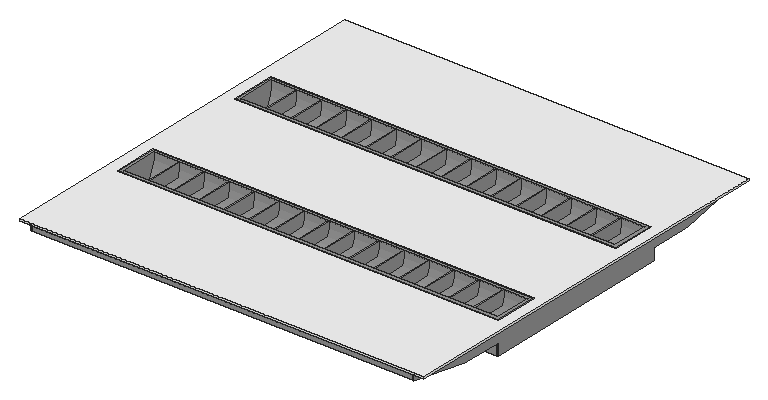
Revit family "0052239 Lighting Fixture_Sylvania_Rana LED 600x600-DALI dimmable-4000K_Ceiling Recessed", category Lighting Fixtures, host Face, Revit 2015
Parameters (values of type "RANA LED 600 CM+P 2*LL DA 4K")
  Width = 594.0 mm
  Weight = 4.00 kg
  Wattage = 33.7234 W
  built-in parameter 1150110 = 1 (stored number, unit not read)
  Voltage Comments = "UNV (Universal Voltage; 220-240 Volt)"  # constant formula
  Voltage = 230 V  # constant formula
  URL = "http://www.feilosylvania.com/"
  built-in parameter 1114217 = 1 (stored number, unit not read)
  Tilt Angle = -90.00°
  built-in parameter 1150109 = 1 (stored number, unit not read)
  built-in parameter 1150134 = 12
  Ta Rating = "25°C"  # constant formula
  built-in parameter 1150113 = 1 (stored number, unit not read)
  Reflector Material = Steel_Sylvania_RanaLED_Silver
  Product Page URL = "http://www.feilosylvania.com/product/en-int/products/0052239"
  Product Family = "Rana LED 600x600-DALI dimmable-4000K Lamp"  # constant formula
  Photometry Comments = ""
  Photometric Web File = "0052239_RANALED600CM+P2LLDA4K-186127.ies"
  Louver Length = Length - 34.0 mm  # 558.0 mm
  Life = "50 000h"  # constant formula
  Length = 592.0 mm
  IP Rating = "20"  # constant formula
  IK Rating = "07"  # constant formula
  Height = 46.0 mm
  Energy Class = "A++, A+, A"  # constant formula
  built-in parameter 1114216 [instance] = 1 (stored number, unit not read)
  Model = "RANA LED 600 CM+P 2*LL DA 4K"
  Manufacturer = "Feilo Sylvania"  # constant formula
  built-in parameter 1150105 = 1827.3 (stored number, unit not read)
  Lumens = 3170 lm
  built-in parameter 1150115 = 1 (stored number, unit not read)
  built-in parameter 1150137 = (empty or 0)
  built-in parameter 1150139 = (empty or 0)
  built-in parameter 1150112 = 1 (stored number, unit not read)
  built-in parameter 1150114 = 1 (stored number, unit not read)
  Lamp = "Integrated LED"  # constant formula
  built-in parameter 1150132 = 2
  built-in parameter 1150102 = (empty or 0)
  built-in parameter 1150107 = 4000 (stored number, unit not read)
  built-in parameter 1150138 = (empty or 0)
  built-in parameter 1150106 = 18.273 (stored number, unit not read)
  Body Material = Aluminum_Sylvania_RanaLED_Silver
  Emit from Rectangle Width = 280.0 mm  # constant formula
  Emit from Rectangle Length = Louver Length  # 558.0 mm
  Emit Shape Visible in Rendering = no
  built-in parameter 1150104 = 8.7329 (stored number, unit not read)
  Dimming Lamp Color Temperature Shift = <None>
  Description = "Provides perfect uniform light distribution greatly enhancing the lit space. Low profile for ease of installation in restricted ceiling voids. Two stage optic for optimum comfort and efficiency. UGR19 office compliant. Enclosed design reduces dust ingress and improves Lumen Maintenance Factor (LMF). 32W - 69W LED recessed luminaire. Rana LED is perfect for office lighting applications, schools, airports and general lighting applications. Available with a satin optic and micro prism diffuser. Available in recessed (600x600, 625x625, 312.5x1250 and 1200x300). Rana LED delivers high efficiency up to 6,050lm (luminaire lumen output on 4,000K version), equating to 101lm/W (total system efficiency). Available in warm white (3,000K) and neutral white (4,000K). Integrated LED solution that has the same aesthetics as a T5 or T8 diffuse luminaire. Energy efficient electronic gear including DALI and 3 hour emergency versions as standard. Long lifetime: 50,000 hours life at 70% of the original output L70. Less maintenance is required due to the long lifetime of 50,000hrs. Energy Class: A++, A+, A. LED technology provides an energy efficient solution with reduced maintenance costs. Comes complete with safety cable"  # constant formula
  Default Elevation = 0.0 mm
  Color Filter = 16777215
  Catalog Number = "0052239 RANA LED 600 CM+P 2*LL DA 4K"
  built-in parameter 1140040 [instance] = 1
  built-in parameter 1114218 = 1 (stored number, unit not read)
  built-in parameter 1150133 = 10 (stored number, unit not read)
  Assembly Code = "D5020200"
  Apparent Load Comments = ""
  Apparent Load = 32 VA
  Accessory Material = Aluminum_Sylvania_RanaLED_White
Reference planes
  plane 1 "Center (Front/Back)": y = 0
  plane 2 "Fixture Bottom": z = 0
  plane 3 "Center (Left/Right)": x = 0
  plane 4 "Fixture Left": x = -296
  plane 5 "Fixture Right": x = 296
  plane 6 "Fixture Back": y = 297
  plane 7 "Fixture Front": y = -297
  plane 8: z = -3
  plane 9: y = 295
  plane 10: y = -295
  plane 11: x = -281
  plane 12: x = 281
  plane 13: x = -279
  plane 14: x = 279
  plane 15: z = -10
  plane 16 "Fixture Top": z = -46
  plane 17: y = 142
  plane 18: y = -142
  plane 19: z = -28
  plane 20: y = 140
  plane 21: y = -140
  plane 22: z = -44
  plane 23: y = 75
  plane 24: y = -75
Forms (mm)
  Extrusion 1, void
    sketch origin (0, 0, 60) x (-1, 0, 0) y (0, -1, 0)
      loop
        line (296, -297) -> (296, 297) -> (-296, 297) -> (-296, -297) -> (296, -297)
    from -564.935 to 250
  Extrusion 2, solid, material "Aluminum_Sylvania_RanaLED_White" <- "Accessory Material", detail levels fine
    sketch origin (0, 0, 60) x (-1, 0, 0) y (0, -1, 0)
      loop
        line (296, -297) -> (296, 297) -> (-296, 297) -> (-296, -297) -> (296, -297)
      loop
        line (279, -140) -> (279, -75) -> (-279, -75) -> (-279, -140) -> (279, -140)
      loop
        line (279, 75) -> (279, 140) -> (-279, 140) -> (-279, 75) -> (279, 75)
    from -63 to -60
  Extrusion 3, solid, material "Aluminum_Sylvania_RanaLED_Silver" <- "Body Material", detail levels fine
    sketch origin (0, 0, 0) x (0, 1, 0) y (0, 0, 1)
      loop
        line (297, -3) -> (-297, -3) -> (-297, -10) -> (-204, -28) -> (-142, -28) -> (-142, -46) -> (142, -46) -> (142, -28) -> (204, -28) -> (297, -10) -> (297, -3)
    from 279 to 281
  Extrusion 4, solid, material "Aluminum_Sylvania_RanaLED_Silver" <- "Body Material", detail levels fine
    sketch origin (-345, 0, 0) x (0, 1, 0) y (0, 0, 1)
      loop
        line (297, -3) -> (-297, -3) -> (-297, -10) -> (-204, -28) -> (-142, -28) -> (-142, -46) -> (142, -46) -> (142, -28) -> (204, -28) -> (297, -10) -> (297, -3)
    from 64 to 66
  Extrusion 5, solid, material "Aluminum_Sylvania_RanaLED_Silver" <- "Body Material", detail levels fine
    sketch origin (0, 0, 60) x (-1, 0, 0) y (0, -1, 0)
      loop
        line (279, -297) -> (279, -295) -> (-279, -295) -> (-279, -297) -> (279, -297)
      loop
        line (-279, 295) -> (279, 295) -> (279, 297) -> (-279, 297) -> (-279, 295)
    from -70 to -63
  Extrusion 6, solid, material "Aluminum_Sylvania_RanaLED_Silver" <- "Body Material", detail levels fine
    sketch origin (0, 0, 0) x (0, 1, 0) y (0, 0, 1)
      loop
        line (142, -3) -> (140, -3) -> (140, -44) -> (-140, -44) -> (-140, -3) -> (-142, -3) -> (-142, -46) -> (142, -46) -> (142, -3)
    from -279 to 279
  Extrusion 7, solid, material "Aluminum_Sylvania_RanaLED_White" <- "Accessory Material", detail levels coarse+medium
    sketch origin (0, 0, 60) x (-1, 0, 0) y (0, -1, 0)
      loop
        line (296, -297) -> (296, 297) -> (-296, 297) -> (-296, -297) -> (296, -297)
    from -63 to -60
  Extrusion 8, solid, material "Aluminum_Sylvania_RanaLED_Silver" <- "Body Material", detail levels coarse+medium
    sketch origin (0, 0, 0) x (0, 1, 0) y (0, 0, 1)
      loop
        line (297, -3) -> (-297, -3) -> (-297, -10) -> (-204, -28) -> (-142, -28) -> (-142, -46) -> (142, -46) -> (142, -28) -> (204, -28) -> (297, -10) -> (297, -3)
    from -281 to 281
Dimensions and locks
  equal spacing: plane 4 "Fixture Left", plane 3 "Center (Left/Right)", plane 5 "Fixture Right"
  "Length": plane 4 "Fixture Left" to plane 5 "Fixture Right"
  equal spacing: plane 6 "Fixture Back", plane 1 "Center (Front/Back)", plane 7 "Fixture Front"
  "Width": plane 6 "Fixture Back" to plane 7 "Fixture Front"
  locked: plane 6 "Fixture Back" to plane 9 at 2
  locked: plane 7 "Fixture Front" to plane 10 at 2
  locked: plane 4 "Fixture Left" to plane 11 at 15
  locked: plane 12 to plane 5 "Fixture Right" at 15
  locked: plane 11 to plane 13 at 2
  locked: plane 14 to plane 12 at 2
  "Height": plane 2 "Fixture Bottom" to plane 16 "Fixture Top"
  plane 2 "Fixture Bottom" to plane 19 = 28.0 mm
  plane 2 "Fixture Bottom" to plane 8 = 3.0 mm
  plane 2 "Fixture Bottom" to plane 15 = 10.0 mm
  locked: plane 6 "Fixture Back" to Extrusion 3 sketch curve at 93
  locked: Extrusion 3 sketch curve to plane 7 "Fixture Front" at 93
  locked: plane 1 "Center (Front/Back)" to plane 17 at 142
  locked: plane 18 to plane 1 "Center (Front/Back)" at 142
  locked: plane 20 to plane 17 at 2
  locked: plane 23 to plane 17 at 67
  locked: plane 18 to plane 24 at 67
  locked: plane 18 to plane 21 at 2
  locked: plane 22 to plane 16 "Fixture Top" at 2
  plane 21 to plane 20 = 280.0 mm
  plane 13 to plane 14 = 558.0 mm
  locked: plane 6 "Fixture Back" to Extrusion 8 sketch curve at 93
  locked: Extrusion 8 sketch curve to plane 7 "Fixture Front" at 93
  aligned and locked: plane 2 "Fixture Bottom" to host face
  aligned and locked: level to host face
  aligned and locked: Extrusion 1 sketch curve to plane 6 "Fixture Back"
  aligned and locked: plane 4 "Fixture Left" to Extrusion 1 sketch curve
  aligned and locked: Extrusion 1 sketch curve to plane 7 "Fixture Front"
  aligned and locked: plane 5 "Fixture Right" to Extrusion 1 sketch curve
  aligned and locked: plane 5 "Fixture Right" to Extrusion 2 sketch curve
  aligned and locked: Extrusion 2 sketch curve to plane 7 "Fixture Front"
  aligned and locked: plane 4 "Fixture Left" to Extrusion 2 sketch curve
  aligned and locked: Extrusion 2 sketch curve to plane 6 "Fixture Back"
  aligned and locked: plane 2 "Fixture Bottom" to Extrusion 2
  aligned and locked: Extrusion 2 to plane 8
  aligned and locked: Extrusion 3 sketch curve to plane 8
  aligned and locked: Extrusion 3 sketch curve to plane 19  (x2)
  aligned and locked: plane 6 "Fixture Back" to Extrusion 3 sketch curve
  aligned and locked: plane 15 to Extrusion 3 sketch curve  (x2)
  aligned and locked: Extrusion 3 sketch curve to plane 17
  aligned and locked: Extrusion 3 sketch curve to plane 16 "Fixture Top"
  aligned and locked: Extrusion 3 sketch curve to plane 7 "Fixture Front"
  aligned and locked: Extrusion 3 sketch curve to plane 18
  aligned and locked: plane 12 to Extrusion 3
  aligned and locked: plane 14 to Extrusion 3
  aligned and locked: Extrusion 4 to plane 11
  aligned and locked: plane 13 to Extrusion 4
  aligned and locked: Extrusion 5 sketch curve to plane 6 "Fixture Back"
  aligned and locked: plane 9 to Extrusion 5 sketch curve
  aligned and locked: plane 13 to Extrusion 5 sketch curve
  aligned and locked: plane 10 to Extrusion 5 sketch curve
  aligned and locked: Extrusion 5 sketch curve to plane 14
  aligned and locked: Extrusion 4 to Extrusion 5 sketch curve
  aligned and locked: Extrusion 5 sketch curve to Extrusion 4
  aligned and locked: plane 15 to Extrusion 5
  aligned and locked: plane 8 to Extrusion 5
  aligned and locked: plane 14 to Extrusion 5 sketch curve
  aligned and locked: Extrusion 6 sketch curve to plane 16 "Fixture Top"
  aligned and locked: plane 18 to Extrusion 6 sketch curve
  aligned and locked: Extrusion 6 sketch curve to plane 17
  aligned and locked: plane 21 to Extrusion 6 sketch curve
  aligned and locked: Extrusion 6 sketch curve to plane 20
  aligned and locked: Extrusion 6 sketch curve to plane 22
  aligned and locked: Extrusion 6 sketch curve to plane 8  (x2)
  aligned and locked: Extrusion 6 to plane 13
  aligned and locked: Extrusion 6 to plane 14
  aligned and locked: Extrusion 2 sketch curve to Extrusion 6  (x3)
  aligned and locked: nested 1 to plane 2 "Fixture Bottom"
  aligned and locked: plane 2 "Fixture Bottom" to nested 2
  aligned and locked: plane 3 "Center (Left/Right)" to imposter light
  aligned and locked: imposter light to plane 1 "Center (Front/Back)"
  aligned and locked: plane 2 "Fixture Bottom" to imposter light
  aligned and locked: Extrusion 7 sketch curve to plane 6 "Fixture Back"
  aligned and locked: plane 5 "Fixture Right" to Extrusion 7 sketch curve
  aligned and locked: Extrusion 7 sketch curve to plane 7 "Fixture Front"
  aligned and locked: plane 4 "Fixture Left" to Extrusion 7 sketch curve
  aligned and locked: Extrusion 7 to plane 8
  aligned and locked: plane 2 "Fixture Bottom" to Extrusion 7
  aligned and locked: plane 6 "Fixture Back" to Extrusion 8 sketch curve
  aligned and locked: Extrusion 8 sketch curve to plane 8
  aligned and locked: plane 15 to Extrusion 8 sketch curve  (x2)
  aligned and locked: Extrusion 8 sketch curve to plane 19  (x2)
  aligned and locked: Extrusion 8 sketch curve to plane 17
  aligned and locked: Extrusion 8 sketch curve to plane 16 "Fixture Top"
  aligned and locked: plane 18 to Extrusion 8 sketch curve
  aligned and locked: Extrusion 8 sketch curve to plane 7 "Fixture Front"
  aligned and locked: Extrusion 8 sketch curve to Extrusion 3
  aligned and locked: plane 12 to Extrusion 8
  aligned and locked: Extrusion 8 to plane 11
Automatic sketch dimensions
  host sketch curve to host sketch curve = 1713.741 mm
  host sketch curve to host sketch curve = 1283.632 mm
  Extrusion 2 sketch curve to plane 14 = 0.0 mm
  Extrusion 2 sketch curve to plane 13 = 0.0 mm
  plane 20 to Extrusion 2 sketch curve = 0.0 mm
  plane 23 to Extrusion 2 sketch curve = 0.0 mm
  Extrusion 2 sketch curve to plane 24 = 0.0 mm
  Extrusion 4 sketch curve to plane 7 "Fixture Front" = 0.0 mm
  Extrusion 4 sketch curve to plane 19 = 0.0 mm  (x2)
  Extrusion 4 sketch curve to plane 18 = 0.0 mm
  Extrusion 4 sketch curve to plane 17 = 0.0 mm
  Extrusion 4 sketch curve to plane 6 "Fixture Back" = 0.0 mm
  Extrusion 4 sketch curve to plane 16 "Fixture Top" = 0.0 mm
  plane 15 to Extrusion 4 sketch curve = 0.0 mm  (x2)
  Extrusion 4 sketch curve to plane 8 = 0.0 mm
  Extrusion 4 sketch curve to Extrusion 4 sketch curve = 62.0 mm  (x2)
Nested families
  nested 1: "Reflector Rana LED" at (0, -107.5, -40) x (0, 1, 0) z (0, 0, 1), type "Type", detail levels fine
  nested 2: "Reflector Rana LED" at (0, 107.5, -40) x (0, -1, 0) z (0, 0, 1), type "Type", detail levels fine
Connectors
  electrical at (0, 0, -46), driven by "Voltage", driven by "Apparent Load"
    settings: on Extrusion 6, index 1, voltage 230 V, apparent load 0 VA, apparent load phase1 32 VA, apparent load phase2 0 VA, apparent load phase3 0 VA, power factor 1, load classification "Lighting", number of poles 1, system type 31, power factor state 1, is connector primary yes, connector utility no, sub classification motor no, connector description ""
Definition of nested family "Reflector Rana LED"
  Parameters
    Length = 558.0 mm
    Lamella Number = Length / 39.0 mm  # 14
    Height = 40.0 mm
    Width = 65.0 mm
    Default Elevation = 0.0 mm
    Reflector Material = none
  Reference planes
    plane 1 "Center (Front/Back)": y = 0
    plane 2: z = 0
    plane 3 "Center (Left/Right)": x = 0
    plane 4: x = 32.5
    plane 5: x = -32.5
    plane 6: z = 40
    plane 7: x = -27.5
    plane 8: x = 27.5
    plane 9: z = 3
    plane 10: x = -15
    plane 11: x = 15
    plane 12: y = 279
    plane 13: y = -279
    plane 14: y = 239
    plane 15: y = -239
    plane 16: y = 274
    plane 17: y = -274
    plane 18: z = 20
    plane 19: z = 38.5
  Forms (mm)
    Extrusion 1, solid, material <- "Reflector Material"
      sketch origin (0, 0, 0) x (1, 0, 0) y (0, 0, 1)
        loop
          line (-27.5, 40) -> (-32.5, 40) -> (-32.5, 0) -> (32.5, 0) -> (32.5, 40) -> (27.5, 40)
          arc (27.5, 40) -> (24.712, 20.33) -> (15, 3) r 54
          line (15, 3) -> (-15, 3)
          arc (-15, 3) -> (-24.712, 20.33) -> (-27.5, 40) r 54
      from -279 to 279
    Extrusion 2, solid, material <- "Reflector Material"
      sketch origin (0, 0, 0) x (1, 0, 0) y (0, 0, 1)
        loop
          line (32.5, 40) -> (-32.5, 40) -> (-32.5, 0) -> (32.5, 0) -> (32.5, 40)
      from 274 to 279
    Extrusion 3, solid, material <- "Reflector Material"
      sketch origin (0, 0, 0) x (1, 0, 0) y (0, 0, -1)
        loop
          line (32.5, -40) -> (32.5, 0) -> (-32.5, 0) -> (-32.5, -40) -> (32.5, -40)
      from 274 to 279
    Extrusion 4, solid, material <- "Reflector Material"
      sketch origin (0, -1, 0) x (1, 0, 0) y (0, 0, 1)
        loop
          line (-24.599, 20) -> (24.599, 20)
          arc (24.599, 20) -> (26.881, 29.121) -> (27.545, 38.5) r 54
          line (27.545, 38.5) -> (-27.545, 38.5)
          arc (-27.545, 38.5) -> (-26.881, 29.121) -> (-24.599, 20) r 54
      from -240 to -238
    Extrusion 5, solid, material <- "Reflector Material"
      sketch origin (0, -477, 0) x (1, 0, 0) y (0, 0, 1)
        loop
          line (-24.599, 20) -> (24.599, 20)
          arc (24.599, 20) -> (26.881, 29.121) -> (27.545, 38.5) r 54
          line (27.545, 38.5) -> (-27.545, 38.5)
          arc (-27.545, 38.5) -> (-26.881, 29.121) -> (-24.599, 20) r 54
      from -240 to -238
    Extrusion 6, solid, material <- "Reflector Material"
      sketch origin (0, -37.615, 0) x (1, 0, 0) y (0, 0, 1)
        loop
          line (-24.599, 20) -> (24.599, 20)
          arc (24.599, 20) -> (26.881, 29.121) -> (27.545, 38.5) r 54
          line (27.545, 38.5) -> (-27.545, 38.5)
          arc (-27.545, 38.5) -> (-26.881, 29.121) -> (-24.599, 20) r 54
      from -240 to -238
    Extrusion 7, solid, material <- "Reflector Material"
      sketch origin (0, -74.231, 0) x (1, 0, 0) y (0, 0, 1)
        loop
          line (-24.599, 20) -> (24.599, 20)
          arc (24.599, 20) -> (26.881, 29.121) -> (27.545, 38.5) r 54
          line (27.545, 38.5) -> (-27.545, 38.5)
          arc (-27.545, 38.5) -> (-26.881, 29.121) -> (-24.599, 20) r 54
      from -240 to -238
    Extrusion 8, solid, material <- "Reflector Material"
      sketch origin (0, -110.846, 0) x (1, 0, 0) y (0, 0, 1)
        loop
          line (-24.599, 20) -> (24.599, 20)
          arc (24.599, 20) -> (26.881, 29.121) -> (27.545, 38.5) r 54
          line (27.545, 38.5) -> (-27.545, 38.5)
          arc (-27.545, 38.5) -> (-26.881, 29.121) -> (-24.599, 20) r 54
      from -240 to -238
    Extrusion 9, solid, material <- "Reflector Material"
      sketch origin (0, -147.462, 0) x (1, 0, 0) y (0, 0, 1)
        loop
          line (-24.599, 20) -> (24.599, 20)
          arc (24.599, 20) -> (26.881, 29.121) -> (27.545, 38.5) r 54
          line (27.545, 38.5) -> (-27.545, 38.5)
          arc (-27.545, 38.5) -> (-26.881, 29.121) -> (-24.599, 20) r 54
      from -240 to -238
    Extrusion 10, solid, material <- "Reflector Material"
      sketch origin (0, -184.077, 0) x (1, 0, 0) y (0, 0, 1)
        loop
          line (-24.599, 20) -> (24.599, 20)
          arc (24.599, 20) -> (26.881, 29.121) -> (27.545, 38.5) r 54
          line (27.545, 38.5) -> (-27.545, 38.5)
          arc (-27.545, 38.5) -> (-26.881, 29.121) -> (-24.599, 20) r 54
      from -240 to -238
    Extrusion 11, solid, material <- "Reflector Material"
      sketch origin (0, -220.692, 0) x (1, 0, 0) y (0, 0, 1)
        loop
          line (-24.599, 20) -> (24.599, 20)
          arc (24.599, 20) -> (26.881, 29.121) -> (27.545, 38.5) r 54
          line (27.545, 38.5) -> (-27.545, 38.5)
          arc (-27.545, 38.5) -> (-26.881, 29.121) -> (-24.599, 20) r 54
      from -240 to -238
    Extrusion 12, solid, material <- "Reflector Material"
      sketch origin (0, -257.308, 0) x (1, 0, 0) y (0, 0, 1)
        loop
          line (-24.599, 20) -> (24.599, 20)
          arc (24.599, 20) -> (26.881, 29.121) -> (27.545, 38.5) r 54
          line (27.545, 38.5) -> (-27.545, 38.5)
          arc (-27.545, 38.5) -> (-26.881, 29.121) -> (-24.599, 20) r 54
      from -240 to -238
    Extrusion 13, solid, material <- "Reflector Material"
      sketch origin (0, -293.923, 0) x (1, 0, 0) y (0, 0, 1)
        loop
          line (-24.599, 20) -> (24.599, 20)
          arc (24.599, 20) -> (26.881, 29.121) -> (27.545, 38.5) r 54
          line (27.545, 38.5) -> (-27.545, 38.5)
          arc (-27.545, 38.5) -> (-26.881, 29.121) -> (-24.599, 20) r 54
      from -240 to -238
    Extrusion 14, solid, material <- "Reflector Material"
      sketch origin (0, -330.538, 0) x (1, 0, 0) y (0, 0, 1)
        loop
          line (-24.599, 20) -> (24.599, 20)
          arc (24.599, 20) -> (26.881, 29.121) -> (27.545, 38.5) r 54
          line (27.545, 38.5) -> (-27.545, 38.5)
          arc (-27.545, 38.5) -> (-26.881, 29.121) -> (-24.599, 20) r 54
      from -240 to -238
    Extrusion 15, solid, material <- "Reflector Material"
      sketch origin (0, -367.154, 0) x (1, 0, 0) y (0, 0, 1)
        loop
          line (-24.599, 20) -> (24.599, 20)
          arc (24.599, 20) -> (26.881, 29.121) -> (27.545, 38.5) r 54
          line (27.545, 38.5) -> (-27.545, 38.5)
          arc (-27.545, 38.5) -> (-26.881, 29.121) -> (-24.599, 20) r 54
      from -240 to -238
    Extrusion 16, solid, material <- "Reflector Material"
      sketch origin (0, -403.769, 0) x (1, 0, 0) y (0, 0, 1)
        loop
          line (-24.599, 20) -> (24.599, 20)
          arc (24.599, 20) -> (26.881, 29.121) -> (27.545, 38.5) r 54
          line (27.545, 38.5) -> (-27.545, 38.5)
          arc (-27.545, 38.5) -> (-26.881, 29.121) -> (-24.599, 20) r 54
      from -240 to -238
    Extrusion 17, solid, material <- "Reflector Material"
      sketch origin (0, -440.385, 0) x (1, 0, 0) y (0, 0, 1)
        loop
          line (-24.599, 20) -> (24.599, 20)
          arc (24.599, 20) -> (26.881, 29.121) -> (27.545, 38.5) r 54
          line (27.545, 38.5) -> (-27.545, 38.5)
          arc (-27.545, 38.5) -> (-26.881, 29.121) -> (-24.599, 20) r 54
      from -240 to -238
  Cuts and joins
    joined: Extrusion 1, Extrusion 2, Extrusion 3
  Dimensions and locks
    equal spacing: plane 4, plane 3 "Center (Left/Right)", plane 5
    "Width": plane 5 to plane 4
    "Height": plane 6 to level
    locked: plane 7 to plane 5 at 5
    locked: plane 8 to plane 4 at 5
    locked: plane 5 to plane 10 at 17.5
    locked: plane 4 to plane 11 at 17.5
    equal spacing: plane 13, plane 1 "Center (Front/Back)", plane 12
    "Length": plane 12 to plane 13
    locked: plane 12 to plane 14 at 40
    locked: plane 15 to plane 13 at 40
    locked: plane 17 to plane 13 at 5
    locked: plane 12 to plane 16 at 5
    equal spacing: group 1, group 3, group 4, group 5, group 6, group 7, group 8, group 9, group 10, group 11, group 12, group 13, group 14, group 2  (x2)
    equal spacing: group 2, group 14, group 13, group 12, group 11, group 10, group 9, group 8, group 7, group 6, group 5, group 4, group 3, group 1
    locked: plane 6 to plane 19 at 1.5
    locked: plane 6 to plane 18 at 20
    locked: plane 6 to plane 9 at 37
    aligned and locked: level to plane 2
    aligned and locked: plane 10 to Extrusion 1 sketch curve
    aligned and locked: plane 6 to Extrusion 1 sketch curve
    aligned and locked: plane 7 to Extrusion 1 sketch curve
    aligned and locked: plane 8 to Extrusion 1 sketch curve
    aligned and locked: plane 9 to Extrusion 1 sketch curve  (x2)
    aligned and locked: plane 11 to Extrusion 1 sketch curve
    aligned and locked: Extrusion 1 sketch curve to plane 5
    aligned and locked: plane 2 to Extrusion 1 sketch curve
    aligned and locked: Extrusion 1 sketch curve to plane 4
    aligned and locked: Extrusion 1 sketch curve to plane 6  (x2)
    aligned and locked: plane 12 to Extrusion 1
    aligned and locked: Extrusion 1 to plane 13
    aligned and locked: Extrusion 2 sketch curve to Extrusion 1  (x4)
    aligned and locked: Extrusion 2 to plane 13
    aligned and locked: Extrusion 2 to plane 17
    aligned and locked: plane 12 to Extrusion 3
    aligned and locked: Extrusion 3 to plane 16
    aligned and locked: Extrusion 4 to plane 14
    aligned and locked: Extrusion 5 to plane 15
    aligned and locked: plane 14 to Extrusion 4
    aligned and locked: Extrusion 4 to plane 18
    aligned and locked: plane 19 to Extrusion 4
    aligned and locked: plane 19 to Extrusion 5
    aligned and locked: Extrusion 5 to plane 18
  Automatic sketch dimensions
    Extrusion 1 sketch curve to plane 19 = 0.886 mm  (x2)
    plane 5 to Extrusion 3 sketch curve = 0.0 mm
    Extrusion 3 sketch curve to level = 0.0 mm
    Extrusion 3 sketch curve to plane 4 = 0.0 mm
    Extrusion 3 sketch curve to plane 6 = 0.0 mm
    Extrusion 4 sketch curve to Extrusion 4 sketch curve = 2.946 mm  (x2)
    Extrusion 4 sketch curve to Extrusion 4 sketch curve = 49.199 mm
    Extrusion 4 sketch curve to Extrusion 4 sketch curve = 1.098 mm  (x2)
    Extrusion 4 sketch curve to Extrusion 4 sketch curve = 18.5 mm
    Extrusion 5 sketch curve to Extrusion 5 sketch curve = 2.946 mm  (x2)
    Extrusion 5 sketch curve to Extrusion 5 sketch curve = 49.199 mm
    Extrusion 5 sketch curve to Extrusion 5 sketch curve = 1.098 mm  (x2)
    Extrusion 5 sketch curve to Extrusion 5 sketch curve = 18.5 mm
    Extrusion 6 sketch curve to Extrusion 6 sketch curve = 2.946 mm  (x2)
    Extrusion 6 sketch curve to Extrusion 6 sketch curve = 49.199 mm
    Extrusion 6 sketch curve to Extrusion 6 sketch curve = 1.098 mm  (x2)
    Extrusion 6 sketch curve to Extrusion 6 sketch curve = 18.5 mm
    Extrusion 7 sketch curve to Extrusion 7 sketch curve = 2.946 mm  (x2)
    Extrusion 7 sketch curve to Extrusion 7 sketch curve = 49.199 mm
    Extrusion 7 sketch curve to Extrusion 7 sketch curve = 1.098 mm  (x2)
    Extrusion 7 sketch curve to Extrusion 7 sketch curve = 18.5 mm
    Extrusion 8 sketch curve to Extrusion 8 sketch curve = 2.946 mm  (x2)
    Extrusion 8 sketch curve to Extrusion 8 sketch curve = 49.199 mm
    Extrusion 8 sketch curve to Extrusion 8 sketch curve = 1.098 mm  (x2)
    Extrusion 8 sketch curve to Extrusion 8 sketch curve = 18.5 mm
    Extrusion 9 sketch curve to Extrusion 9 sketch curve = 2.946 mm  (x2)
    Extrusion 9 sketch curve to Extrusion 9 sketch curve = 49.199 mm
    Extrusion 9 sketch curve to Extrusion 9 sketch curve = 1.098 mm  (x2)
    Extrusion 9 sketch curve to Extrusion 9 sketch curve = 18.5 mm
    Extrusion 10 sketch curve to Extrusion 10 sketch curve = 2.946 mm  (x2)
    Extrusion 10 sketch curve to Extrusion 10 sketch curve = 49.199 mm
    Extrusion 10 sketch curve to Extrusion 10 sketch curve = 1.098 mm  (x2)
    Extrusion 10 sketch curve to Extrusion 10 sketch curve = 18.5 mm
    Extrusion 11 sketch curve to Extrusion 11 sketch curve = 2.946 mm  (x2)
    Extrusion 11 sketch curve to Extrusion 11 sketch curve = 49.199 mm
    Extrusion 11 sketch curve to Extrusion 11 sketch curve = 1.098 mm  (x2)
    Extrusion 11 sketch curve to Extrusion 11 sketch curve = 18.5 mm
    Extrusion 12 sketch curve to Extrusion 12 sketch curve = 2.946 mm  (x2)
    Extrusion 12 sketch curve to Extrusion 12 sketch curve = 49.199 mm
    Extrusion 12 sketch curve to Extrusion 12 sketch curve = 1.098 mm  (x2)
    Extrusion 12 sketch curve to Extrusion 12 sketch curve = 18.5 mm
    Extrusion 13 sketch curve to Extrusion 13 sketch curve = 2.946 mm  (x2)
    Extrusion 13 sketch curve to Extrusion 13 sketch curve = 49.199 mm
    Extrusion 13 sketch curve to Extrusion 13 sketch curve = 1.098 mm  (x2)
    Extrusion 13 sketch curve to Extrusion 13 sketch curve = 18.5 mm
    Extrusion 14 sketch curve to Extrusion 14 sketch curve = 2.946 mm  (x2)
    Extrusion 14 sketch curve to Extrusion 14 sketch curve = 49.199 mm
    Extrusion 14 sketch curve to Extrusion 14 sketch curve = 1.098 mm  (x2)
    Extrusion 14 sketch curve to Extrusion 14 sketch curve = 18.5 mm
    Extrusion 15 sketch curve to Extrusion 15 sketch curve = 2.946 mm  (x2)
    Extrusion 15 sketch curve to Extrusion 15 sketch curve = 49.199 mm
    Extrusion 15 sketch curve to Extrusion 15 sketch curve = 1.098 mm  (x2)
    Extrusion 15 sketch curve to Extrusion 15 sketch curve = 18.5 mm
    Extrusion 16 sketch curve to Extrusion 16 sketch curve = 2.946 mm  (x2)
    Extrusion 16 sketch curve to Extrusion 16 sketch curve = 49.199 mm
    Extrusion 16 sketch curve to Extrusion 16 sketch curve = 1.098 mm  (x2)
    Extrusion 16 sketch curve to Extrusion 16 sketch curve = 18.5 mm
    Extrusion 17 sketch curve to Extrusion 17 sketch curve = 2.946 mm  (x2)
    Extrusion 17 sketch curve to Extrusion 17 sketch curve = 49.199 mm
    Extrusion 17 sketch curve to Extrusion 17 sketch curve = 1.098 mm  (x2)
    Extrusion 17 sketch curve to Extrusion 17 sketch curve = 18.5 mm
